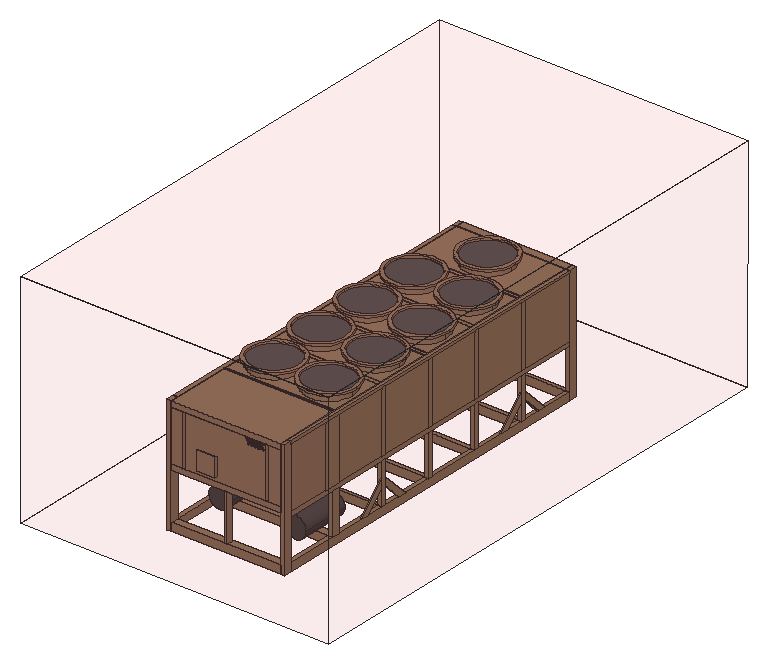
Revit family
Parameters (values of type "177 Ton - E - 200V/60Hz/3Ph")
  Width = 88 1/8"
  Water Supply Connection Offset Return _ On Center = 84 1/2"
  Water Return Connection Offset Front _ On Center = 112 13/16"
  Water Connection Offset Left = 28 1/8"
  Right Side Connections [instance] = not(Left Side Connections)  # no
  Refrigerant Used = "R-134A"
  Power Factor = 0.8  # constant formula
  Optional Sound Panels [instance] = no
  Number of Fans = 9
  Number of Compressors = 2
  Number of Circuits = 2
  Minimum Design Evaporator Flow = 0 GPM
  Maximum Design Evaporator Flow = 748 GPM
  Left Side Connections [instance] = yes
  Leaving Chilled Water Temperature [instance] = -459.67 °F
  Frame Finish = Paint - JCI - Powder - Brown
  Family Revision Date = "06/01/2010"  # constant formula
  Evaporator Water Connection Radius = Evaporator Water Connection Diameter / 2  # 5"
  Water Outlet Description = "Water Supply Connector"  # constant formula
  Water Inlet Description = "Water Return Connector"  # constant formula
  Water Connection Offset Bottom _ On Center = 19 1/8"
  Voltage = 0 V
  URL = "http://www.johnsoncontrols.com/publish/us/en.html"
  Total Cooling Capacity [instance] = 0.00 ton
  Ten Fan Visibility = Refrigerant Charge System Two > 180.00 lbf  # no
  System Two Compressor One Running Load Current = 0 A
  System One Compressor One Running Load Current = 0 A
  Serial Number [instance] = ""
  Refrigerant Charge System Two = 170.00 lbf
  Refrigerant Charge System One = 185.00 lbf
  Product Page URL = "http://www.johnsoncontrols.com/publish/us/en/products/building_efficiency/integrated_hvac_systems/Industrial___Commercial_HVAC_Equipment/chiller_products/screw__air-cooled0.html"
  Product Documentation Link = "http://www.johnsoncontrols.com/publish/etc/medialib/jci/be/integrated_hvac_systems/hvac_equipment/chiller_products/aircooledscrew.Par.53612.File.dat/EngineeringGuide20123.pdf"
  Outdoor Ambient Temperature [instance] = -459.67 °F
  OmniClass Title = "Rotary-Screw Water Chillers"  # constant formula
  OmniClass Number = "23.75.10.24.21.21.21"  # constant formula
  Number of Poles = 3
  Nominal Cooling Capacity = 177.00 ton
  Nine Fan Visibility = Refrigerant Charge System Two < 180.00 lbf  # yes
  Model = "YCIV0177EV"
  Minimum Circuit Current = 0 A
  Maximum Overcurrent Protection = 0 A
  Manufacturer = "Johnson Controls, Inc."  # constant formula
  Length = 274"
  Keynote = "15700"
  Integrated Part Load Value = 0
  Height = 93 15/16"
  Frequency = 60 Hz  # constant formula
  Frame Material = Metal - York - Galvanized Steel
  Frame Height = Height - 6"  # 87 15/16"
  Fan Guard Material = Plastic - York - PVC - Coated
  Evaporator Water Volume = 95.0 gal
  Evaporator Water Connection Diameter = 10"
  Evaporator Radius = Water Connection Offset Bottom _ On Center - 6"  # 13 1/8"
  Evaporator Pressure Drop [instance] = 0.00 psi
  Evaporator Offset Left = Width / 2 - Water Connection Offset Left  # 15 15/16"
  Evaporator Material = Metal - York - Steel
  Evaporator Length = 110"  # constant formula
  Evaporator Angle [instance] = if(Left Side Connections, 0.00°, 180.00°)  # 0.00°
  Energy Efficiency Rating = 0
  Electrical Connection Description = "Electrical Supply Connection"  # constant formula
  Description = "Air-Cooled Screw Compressor Liquid Chiller"  # constant formula
  Copyright © = "Copyright © 2001-2009 Johnson Controls"  # constant formula
  Control KVA = 1.80 kVA  # 1800.00 VA
  Connector Offset [instance] = if(Left Side Connections, 60", 28 1/8")  # 60"
  Connection Angle [instance] = if(Left Side Connections, 180.00°, 0.00°)  # 180.00°
  Condenser Fins per Inch = 17  # constant formula
  Condenser Fan Full Load Current = 0 A
  Condenser Coil Row Count = 3  # constant formula
  Compressor Power [instance] = 0.00 kVA
  Compressor Material = Metal - York - Steel - Black Coated
  Clearance Visible [instance] = yes
  Clearance Offset Top = 72"  # constant formula
  Clearance Offset Right = 72"  # constant formula
  Clearance Offset Left = 72"  # constant formula
  Clearance Offset Front = 48"  # constant formula
  Clearance Offset Bottom = 0"  # constant formula
  Clearance Offset Back = 72"  # constant formula
  Assembly Code = "D3030100"
  Apparent Load = 1800.00 VA
  Actual Evaporator Supply Flow [instance] = 0 GPM
  Actual Evaporator Return Flow [instance] = 0 GPM
Reference planes (in)
  plane 1 "Center (Front/Back)": y = -5
  plane 2 "Bottom": z = 0
  plane 3 "Center (Left/Right)": x = -3.09675
  plane 4 "Left": x = -47.15925
  plane 5 "Right": x = 40.96575
  plane 6 "Back": y = 132
  plane 7 "Front": y = -142
  plane 8 "Top": z = 93.9375
  plane 9 "Fan Row One": y = -70.48125
  plane 10 "Fan Row Two": y = -26.8125
  plane 11 "Fan Row Three": y = 16.84375
  plane 12 "Fan Row Four": y = 60.5
  plane 13 "Fan Column One": x = -23.628
  plane 14 "Fan Column Two": x = 17.4345
  plane 15 "Logo Inset": x = 18.4345
  plane 16 "Logo Elevation": z = 82.9375
  plane 17 "Frame Floor": z = 6
  plane 18 "Water In Depth": y = -29.1875
  plane 19 "Water Out Depth": y = 55.3125
  plane 20 "Water Connectors Inside Depth": x = -19.03425
  plane 21 "Water Connection Height": z = 19.125
  plane 22 "Compressors": y = -76
  plane 23 "Fan Row Five": y = 104.15625
  plane 24 "Frame Top": z = 87.9375
  plane 25 "Top Frame Bottom": z = 83.9375
  plane 26 "Middle Front Frame": z = 41.3125
  plane 27 "Middle Frame": z = 37.125
  plane 28 "Connector Reference": x = -19.03425
Forms (in)
  Revolve 1, void
    sketch origin (0, 55.3125, 0) x (-1, 0, 0) y (0, 0, 1)
      loop
        line (19.03425, 19.125) -> (17.28425, 19.125) -> (17.28425, 16.875) -> (19.03425, 16.875) -> (19.03425, 19.125)
      axis (17.28425, 19.125) -> (19.03425, 19.125)
    angle from 0 to 360
  Revolve 2, void
    sketch origin (0, -29.1875, 0) x (-1, 0, 0) y (0, 0, 1)
      loop
        line (19.03425, 19.125) -> (19.03425, 21.375) -> (17.28425, 21.375) -> (17.28425, 19.125) -> (19.03425, 19.125)
      axis (17.28425, 19.125) -> (19.03425, 19.125)
    angle from 0 to 360
Dimensions and locks (in)
  equal spacing: plane 4 "Left", plane 3 "Center (Left/Right)", plane 5 "Right"
  "Width": plane 4 "Left" to plane 5 "Right"
  equal spacing: plane 6 "Back", plane 1 "Center (Front/Back)", plane 7 "Front"
  "Length": plane 6 "Back" to plane 7 "Front"
  "Height": plane 8 "Top" to plane 2 "Bottom"
  locked: plane 7 "Front" to plane 9 "Fan Row One" at 71.51875
  locked: plane 9 "Fan Row One" to plane 10 "Fan Row Two" at 43.66875
  locked: plane 10 "Fan Row Two" to plane 11 "Fan Row Three" at 43.65625
  locked: plane 11 "Fan Row Three" to plane 12 "Fan Row Four" at 43.65625
  locked: plane 14 "Fan Column Two" to plane 5 "Right" at 23.53125
  locked: plane 4 "Left" to plane 13 "Fan Column One" at 23.53125
  locked: plane 8 "Top" to plane 16 "Logo Elevation" at 11
  locked: plane 17 "Frame Floor" to plane 2 "Bottom" at 6
  "Water Return Connection Offset Front _ On Center": plane 18 "Water In Depth" to plane 7 "Front"
  "Water Supply Connection Offset Return _ On Center": plane 19 "Water Out Depth" to plane 18 "Water In Depth"
  "Water Connection Offset Left": plane 4 "Left" to plane 20 "Water Connectors Inside Depth"
  "Water Connection Offset Bottom _ On Center": plane 21 "Water Connection Height" to plane 2 "Bottom"
  locked: plane 7 "Front" to plane 22 "Compressors" at 66
  locked: plane 12 "Fan Row Four" to plane 23 "Fan Row Five" at 43.65625
  locked: plane 15 "Logo Inset" to plane 5 "Right" at 22.53125
  "Frame Height": plane 24 "Frame Top" to plane 2 "Bottom"
  "Evaporator Offset Left": Revolve 1 sketch curve to Revolve 1 sketch curve
  locked: Revolve 1 sketch curve to Revolve 1 sketch curve at 1.75
  locked: Revolve 1 sketch curve to Revolve 1 sketch curve at 2.25
  "Evaporator Offset Left": Revolve 2 sketch curve to Revolve 2 sketch curve
  locked: Revolve 2 sketch curve to Revolve 2 sketch curve at 1.75
  locked: Revolve 2 sketch curve to Revolve 2 sketch curve at 2.25
  "Connector Offset": plane 28 "Connector Reference" to plane 5 "Right"
  "Evaporator Angle": angle nested 10 to plane 21 "Water Connection Height"
  "Connection Angle": angle plane 21 "Water Connection Height" to Revolve 1 sketch curve
  locked: Revolve 1 sketch curve to Revolve 1 sketch curve (angle 90.00°)  (x4)
  "Connection Angle": angle plane 21 "Water Connection Height" to Revolve 2 sketch curve
  locked: Revolve 2 sketch curve to Revolve 2 sketch curve (angle 90.00°)  (x4)
  aligned and locked: nested 1 to plane 13 "Fan Column One"
  aligned and locked: nested 1 to plane 9 "Fan Row One"
  aligned and locked: nested 2 to plane 9 "Fan Row One"
  aligned and locked: nested 2 to plane 14 "Fan Column Two"
  aligned and locked: nested 8 to plane 12 "Fan Row Four"
  aligned and locked: nested 7 to plane 12 "Fan Row Four"
  aligned and locked: nested 6 to plane 11 "Fan Row Three"
  aligned and locked: nested 5 to plane 11 "Fan Row Three"
  aligned and locked: nested 3 to plane 10 "Fan Row Two"
  aligned and locked: nested 4 to plane 10 "Fan Row Two"
  aligned and locked: nested 8 to plane 14 "Fan Column Two"
  aligned and locked: nested 5 to plane 14 "Fan Column Two"
  aligned and locked: nested 4 to plane 14 "Fan Column Two"
  aligned and locked: nested 7 to plane 13 "Fan Column One"
  aligned and locked: nested 6 to plane 13 "Fan Column One"
  aligned and locked: nested 3 to plane 13 "Fan Column One"
  aligned and locked: plane 16 "Logo Elevation" to nested 9
  aligned and locked: plane 7 "Front" to nested 9
  aligned and locked: nested 9 to plane 15 "Logo Inset"
  aligned and locked: nested 10 to plane 18 "Water In Depth"
  aligned and locked: nested 10 to plane 3 "Center (Left/Right)"
  aligned and locked: plane 17 "Frame Floor" to nested 11
  aligned and locked: plane 17 "Frame Floor" to nested 12
  aligned and locked: nested 11 to plane 22 "Compressors"
  aligned and locked: nested 12 to plane 22 "Compressors"
  aligned and locked: plane 14 "Fan Column Two" to nested 12
  aligned and locked: plane 13 "Fan Column One" to nested 11
  aligned and locked: plane 6 "Back" to nested 13
  aligned and locked: nested 13 to plane 4 "Left"
  aligned and locked: plane 17 "Frame Floor" to nested 13
  aligned and locked: nested 14 to plane 23 "Fan Row Five"
  aligned and locked: plane 3 "Center (Left/Right)" to nested 14
  aligned and locked: nested 15 to plane 4 "Left"
  aligned and locked: plane 2 "Bottom" to nested 15
  aligned and locked: nested 16 to plane 4 "Left"
  aligned and locked: plane 7 "Front" to nested 16
  aligned and locked: plane 19 "Water Out Depth" to nested 17
  aligned and locked: plane 3 "Center (Left/Right)" to nested 17
  aligned and locked: plane 8 "Top" to nested 2
  aligned and locked: plane 8 "Top" to nested 1
  aligned and locked: plane 8 "Top" to nested 4
  aligned and locked: plane 8 "Top" to nested 3
  aligned and locked: plane 8 "Top" to nested 5
  aligned and locked: plane 8 "Top" to nested 6
  aligned and locked: plane 8 "Top" to nested 8
  aligned and locked: plane 8 "Top" to nested 7
  aligned and locked: plane 8 "Top" to nested 14
  aligned and locked: plane 8 "Top" to nested 18
  aligned and locked: nested 18 to plane 23 "Fan Row Five"
  aligned and locked: plane 8 "Top" to nested 19
  aligned and locked: nested 19 to plane 23 "Fan Row Five"
  aligned and locked: nested 18 to plane 13 "Fan Column One"
  aligned and locked: nested 19 to plane 14 "Fan Column Two"
  aligned and locked: nested 20 to plane 1 "Center (Front/Back)"
  aligned and locked: nested 20 to plane 3 "Center (Left/Right)"
  aligned and locked: nested 20 to plane 2 "Bottom"
  aligned and locked: plane 21 "Water Connection Height" to nested 10
  aligned and locked: plane 3 "Center (Left/Right)" to Revolve 1 sketch curve
  aligned and locked: plane 21 "Water Connection Height" to Revolve 1 sketch curve
  aligned and locked: Revolve 1 sketch curve to Revolve 1 sketch curve  (x2)
  aligned and locked: plane 3 "Center (Left/Right)" to Revolve 2 sketch curve
  aligned and locked: plane 21 "Water Connection Height" to Revolve 2 sketch curve
  aligned and locked: Revolve 2 sketch curve to Revolve 2 sketch curve
  aligned and locked: nested 21 to plane 2 "Bottom"
  aligned and locked: nested 21 to plane 3 "Center (Left/Right)"
  aligned and locked: nested 22 to plane 7 "Front"
  aligned and locked: nested 22 to plane 3 "Center (Left/Right)"
  aligned and locked: plane 3 "Center (Left/Right)" to nested 23
  aligned and locked: nested 23 to plane 19 "Water Out Depth"
  aligned and locked: nested 23 to plane 21 "Water Connection Height"
Automatic sketch dimensions
  Revolve 2 sketch curve to plane 21 "Water Connection Height" = 0"
Nested families (in)
  nested 1: "Fan_Guard-York-YCIV" at (-23.628, -70.48125, 87.9375), type "Fan Guard"
  nested 2: "Fan_Guard-York-YCIV" at (17.4345, -70.48125, 87.9375), type "Fan Guard"
  nested 3: "Fan_Guard-York-YCIV" at (-23.628, -26.8125, 87.9375), type "Fan Guard"
  nested 4: "Fan_Guard-York-YCIV" at (17.4345, -26.8125, 87.9375), type "Fan Guard"
  nested 5: "Fan_Guard-York-YCIV" at (17.4345, 16.84375, 87.9375), type "Fan Guard"
  nested 6: "Fan_Guard-York-YCIV" at (-23.628, 16.84375, 87.9375), type "Fan Guard"
  nested 7: "Fan_Guard-York-YCIV" at (-23.628, 60.5, 87.9375), type "Fan Guard"
  nested 8: "Fan_Guard-York-YCIV" at (17.4345, 60.5, 87.9375), type "Fan Guard"
  nested 9: "Logo-York-YCAV Lettering" at (18.4345, -142.25, 78.9375), type "Logo"
  nested 10: "Evaporator-York-Small" at (-3.09675, 13.0625, 19.125) x (-1, 0, 0) z (0, 0, 1), type "Evaporator"
    with Width 84 1/2", Water Pipe Radius 5", Water Connection Offset Right 15 15/16", Length 110", Evaporator Radius 13 1/8"
  nested 11: "Compressor-York-Screw" at (-31.628, -94, 6), type "Compressor"
  nested 12: "Compressor-York-Screw" at (25.4345, -94, 6), type "Compressor"
  nested 13: "Box_Frame-York-YCIV-5_Row" at (-3.09675, -5, 0), type "5 Row Box"
    with Sound Option no
  nested 14: "Fan_Guard-York-YCIV" at (-3.09675, 104.15625, 87.9375), visible <- "Nine Fan Visibility", type "Fan Guard"
  nested 15: "Liquid Chiller, Direct Expansion Right View" at (-33.23038, -5, 28.71931) x (1, 0, 0) z (0, -1, 0), visible <- "Left Side Connections", type "Liquid Chiller, Direct Expansion Right View"
    with Pipe Height 19 1/8", Pipe Depth 44 1/16", Height 87 15/16", Depth 88 1/8", Arrow Width 4.40156", Arrow Length 17.60625", Arrow Height 1.10039", Arrow Depth 8.80313"
  nested 16: "Liquid Chiller, Direct Expansion Plan View" at (-40.62702, 5.59431, 0), visible <- "Left Side Connections", type "Liquid Chiller, Direct Expansion"
    with Width 274", Water In Pipe Gap 112 13/16", Pipe Gap 84 1/2", Arrow Width 12.07083", Arrow Length 36.2125", Arrow Height 3.01771", Arrow Depth 18.10625"
  nested 17: "Liquid Chiller, Direct Expansion 3_D" at (-25.128, 13.0625, 0) x (0, -1, 0) z (0, 0, 1), visible <- "Left Side Connections", type "Liquid Chiller, Direct Expansion 3_D"
    with Width 84 1/2", Right Pipe Elevation 19 1/8", Left Pipe Elevation 19 1/8", Depth 44 1/16"
  nested 18: "Fan_Guard-York-YCIV" at (-23.628, 104.15625, 87.9375), visible <- "Ten Fan Visibility", type "Fan Guard"
  nested 19: "Fan_Guard-York-YCIV" at (17.4345, 104.15625, 87.9375), visible <- "Ten Fan Visibility", type "Fan Guard"
  nested 20: "Include Clearance" at (-3.09675, -5, 0), visible <- "Clearance Visible", type "Include Clearance"
    with Width 88 1/8", Height 93 15/16", Depth 274", Clearance Top 72", Clearance Right 72", Clearance Left 72", Clearance Front 48", Clearance Bottom 0", Clearance Back 72"
  nested 21: "Liquid Chiller, Direct Expansion Right View" at (27.03689, -5, 28.71931) x (-1, 0, 0) z (0, -1, 0), visible <- "Right Side Connections", type "Liquid Chiller, Direct Expansion Right View"
    with Pipe Height 19 1/8", Pipe Depth 44 1/16", Height 87 15/16", Depth 88 1/8", Arrow Width 4.40156", Arrow Length 17.60625", Arrow Height 1.10039", Arrow Depth 8.80313"
  nested 22: "Liquid Chiller, Direct Expansion Plan View" at (34.43353, 5.59431, 0) x (-1, 0, 0) z (0, 0, 1), visible <- "Right Side Connections", type "Liquid Chiller, Direct Expansion"
    with Width 274", Water In Pipe Gap 112 13/16", Pipe Gap 84 1/2", Arrow Width 12.07083", Arrow Length 36.2125", Arrow Height 3.01771", Arrow Depth 18.10625"
  nested 23: "Liquid Chiller, Direct Expansion 3_D" at (18.9345, 13.0625, 0) x (0, -1, 0) z (0, 0, 1), visible <- "Right Side Connections", type "Liquid Chiller, Direct Expansion 3_D"
    with Width 84 1/2", Right Pipe Elevation 19 1/8", Left Pipe Elevation 19 1/8", Depth 44 1/16"
Connectors (in)
  electrical at (-14.0625, -143, 55.3125), driven by "Power Factor", driven by "Voltage", driven by "Number of Poles", driven by "Electrical Connection Description", driven by "Apparent Load"
    settings: on nested 13, index 3
  piping at (-19.03425, 55.3125, 19.125), driven by "Actual Evaporator Supply Flow", driven by "Evaporator Pressure Drop", driven by "Evaporator Water Connection Radius", driven by "Water Outlet Description"
    settings: on Revolve 1, index 4
  piping at (-19.03425, -29.1875, 19.125), driven by "Actual Evaporator Return Flow", driven by "Evaporator Water Connection Radius", driven by "Water Inlet Description"
    settings: on Revolve 2, index 5
Definition of nested family "Fan_Guard-York-YCIV"
  Parameters (values of type "Fan Guard")
    Width = 40 11/16"  # constant formula
    Model = "York YCIV Fan Guard"  # constant formula
    Manufacturer = "York"  # constant formula
    Box Frame Material = Metal - York - Galvanized Steel
    Assembly Code = ""
  Reference planes (in)
    plane 1 "Center (Front/Back)": y = 0
    plane 2 "Fan Guard Bottom": z = 0
    plane 3 "Center (Left/Right)": x = 0
    plane 4 "Fan Guard Top": z = 4.6875
    plane 5 "Fan Rim Top": z = 6
    plane 6 "Front": y = -20.34375
    plane 7 "Back": y = 20.34375
    plane 8 "Back Inset": y = 17.90625
    plane 9 "Front Inset": y = -17.9
    plane 10 "Left": x = -20.34375
    plane 11 "Right Inset": x = 17.89844
    plane 12 "Right": x = 20.34375
    plane 13 "Left Inset": x = -17.89844
  Forms (in)
    Sweep 1, solid, material "Metal - York - Galvanized Steel" <- "Box Frame Material", detail levels fine
      path origin (0, 0, 0) x (1, 0, 0) y (0, 0, 1)
        loop
          line (0, 0) -> (0, 4.6875)
      profile origin (0, 0, 2.34375) x (-1, 0, 0) y (0, -1, 0)
        loop
          circle (0, 0) r 17.90625
    Sweep 2, solid, material "Metal - York - Galvanized Steel" <- "Box Frame Material", detail levels fine
      path origin (0, 0, 0) x (1, 0, 0) y (0, 0, 1)
        loop
          line (0, 4.6875) -> (0, 6)
      profile origin (0, 0, 5.34375) x (-1, 0, 0) y (0, -1, 0)
        loop
          circle (0, 0) r 20.25
        loop
          circle (0, 0) r 17.90625
  Lines and regions (in)
    Masking region 1, detail levels fine
      outline origin (0, 0, 0) x (1, 0, 0) y (0, 0, 1)
        loop
          line (20.34375, 6) -> (-20.34375, 6) -> (-20.34375, 4.6875) -> (20.34375, 4.6875) -> (20.34375, 6)
    Masking region 2, detail levels medium+fine
      outline origin (0, 0, 0) x (1, 0, 0) y (0, 0, 1)
        loop
          line (17.89844, 4.6875) -> (-17.89844, 4.6875) -> (-17.89844, 0) -> (17.89844, 0) -> (17.89844, 4.6875)
    Masking region 3, detail levels fine
      outline origin (0, 0, 0) x (0, 1, 0) y (0, 0, 1)
        loop
          line (20.34375, 6) -> (-20.34375, 6) -> (-20.34375, 4.6875) -> (20.34375, 4.6875) -> (20.34375, 6)
    Masking region 4, detail levels medium+fine
      outline origin (0, 0, 0) x (0, 1, 0) y (0, 0, 1)
        loop
          line (17.90625, 4.6875) -> (-17.9, 4.6875) -> (-17.9, 0) -> (17.90625, 0) -> (17.90625, 4.6875)
    symbolic lines, style "Fan Guard Medium", detail levels medium+fine
      curve 1: circle (0, 0, 0) r 20.25 normal (0, 0, 1)
    symbolic lines, style "Fine Guard Detail Lines", detail levels fine
      curve 2: circle (0, 0, 0) r 18 normal (0, 0, 1)
    model lines, style "Fine Guard Detail Lines", detail levels medium
      curve 3: circle (0, 0, 4.6875) r 17.90625 normal (0, 0, 1)
      curve 4: circle (0, 0, 0) r 17.90625 normal (0, 0, 1)
  Dimensions and locks (in)
    locked: plane 5 "Fan Rim Top" to plane 2 "Fan Guard Bottom" at 6
    locked: plane 5 "Fan Rim Top" to plane 4 "Fan Guard Top" at 1.3125
    equal spacing: plane 6 "Front", plane 1 "Center (Front/Back)", plane 7 "Back"
    "Width": plane 6 "Front" to plane 7 "Back"
    equal spacing: plane 10 "Left", plane 3 "Center (Left/Right)", plane 12 "Right"
    "Width": plane 10 "Left" to plane 12 "Right"
    locked: plane 6 "Front" to plane 9 "Front Inset" at 2.44375
    locked: plane 8 "Back Inset" to plane 7 "Back" at 2.4375
    locked: plane 10 "Left" to plane 13 "Left Inset" at 2.44531
    locked: plane 11 "Right Inset" to plane 12 "Right" at 2.44531
    locked: plane 1 "Center (Front/Back)" to Sweep 1 sketch curve at 17.90625
    locked: plane 3 "Center (Left/Right)" to Sweep 1 sketch curve at 17.90625
    locked: plane 1 "Center (Front/Back)" to Sweep 2 sketch curve at 17.90625
    locked: plane 3 "Center (Left/Right)" to Sweep 2 sketch curve at 17.90625
    locked: plane 3 "Center (Left/Right)" to Sweep 2 sketch curve at 20.25
    locked: Sweep 2 sketch curve to plane 1 "Center (Front/Back)" at 20.25
    locked: plane 1 "Center (Front/Back)" to curve 2 at 18
    locked: plane 3 "Center (Left/Right)" to curve 2 at 18
    locked: curve 1 to plane 1 "Center (Front/Back)" at 20.25
    locked: curve 1 to plane 3 "Center (Left/Right)" at 20.25
    plane 1 "Center (Front/Back)" to curve 3 = 17 29/32"
    plane 3 "Center (Left/Right)" to curve 3 = 17 29/32"
    radius of curve 3 = 17 29/32"
    aligned and locked: Masking region 2 to plane 2 "Fan Guard Bottom"
    aligned and locked: plane 4 "Fan Guard Top" to Sweep 1
    aligned and locked: plane 4 "Fan Guard Top" to Sweep 1 sketch curve
    aligned and locked: plane 2 "Fan Guard Bottom" to Sweep 1 sketch curve
    aligned and locked: plane 4 "Fan Guard Top" to Masking region 4 sketch curve
    aligned and locked: plane 9 "Front Inset" to Masking region 4 sketch curve
    aligned and locked: Masking region 4 sketch curve to plane 8 "Back Inset"
    aligned and locked: Masking region 4 sketch curve to plane 2 "Fan Guard Bottom"
    aligned and locked: plane 6 "Front" to Masking region 3 sketch curve
    aligned and locked: Masking region 3 sketch curve to plane 4 "Fan Guard Top"
    aligned and locked: plane 5 "Fan Rim Top" to Masking region 3 sketch curve
    aligned and locked: Masking region 3 sketch curve to plane 7 "Back"
    aligned and locked: Masking region 2 sketch curve to plane 2 "Fan Guard Bottom"
    aligned and locked: plane 5 "Fan Rim Top" to Masking region 1 sketch curve
    aligned and locked: Masking region 1 sketch curve to plane 12 "Right"
    aligned and locked: plane 5 "Fan Rim Top" to Sweep 2 sketch curve
    aligned and locked: plane 4 "Fan Guard Top" to Sweep 2 sketch curve
    aligned and locked: plane 3 "Center (Left/Right)" to Sweep 2 sketch curve
    aligned and locked: plane 13 "Left Inset" to Masking region 2 sketch curve
    aligned and locked: Masking region 2 sketch curve to plane 11 "Right Inset"
    aligned and locked: plane 10 "Left" to Masking region 1 sketch curve
    aligned and locked: Masking region 1 sketch curve to plane 4 "Fan Guard Top"
    aligned and locked: curve 4 to Sweep 2
    aligned and locked: curve 3 to Sweep 2
    aligned and locked: plane 4 "Fan Guard Top" to Masking region 2
  Automatic sketch dimensions
    Sweep 1 sketch curve to plane 3 "Center (Left/Right)" = 0"
    plane 4 "Fan Guard Top" to Masking region 2 sketch curve = 0"
    Sweep 1 sketch curve to plane 1 "Center (Front/Back)" = 0"
    Sweep 2 sketch curve to Sweep 2 sketch curve = 0"
    Sweep 2 sketch curve to profile plane = 0"
    curve 1 to curve 2 = 0"
    curve 2 to plane 3 "Center (Left/Right)" = 0"
Definition of nested family "Logo-York-YCAV Lettering"
  Parameters (values of type "Logo")
    Model = "York Logo"  # constant formula
    Manufacturer = "York"  # constant formula
    Lettering Finish = Paint - York - Black
    Assembly Code = ""
  Reference planes (in)
    plane 1 "Center (Front/Back)": y = 0
    plane 2 "Lettering Bottom": z = 0
    plane 3 "Center (Left/Right)": x = 0
    plane 4 "Lettering Top": z = 4
    plane 5 "R Left": x = 0.25
    plane 6 "R Outside Right Leg": x = 3.75
    plane 7 "Left K": x = 4
    plane 8 "Right": x = 7.5
    plane 9 "R Left Inside": x = 1
    plane 10 "Y Top Point Right Outside": x = -2.98185
    plane 11 "Y Top Point Right Inside": x = -3.76815
    plane 12 "Left": x = -6.52542
    plane 13 "Back": y = 0.25
    plane 14 "Top Point of Y Left": x = -5.75
    plane 15 "Y Center": x = -4.75
    plane 16 "Y Left": x = -5.125
    plane 17 "Y Right": x = -4.375
    plane 18 "O Center": x = -1.75
    plane 19 "Y Top V": z = 2.57185
    plane 20 "R Right Inside Points": x = 2.68153
    plane 21 "R Right Inside Points Top": x = 2.75
    plane 22 "R Right Leg Inside": x = 3
    plane 23: x = 3.46911
    plane 24 "K Left Inside": x = 4.75
    plane 25 "Bottom K Point": x = 5.30549
    plane 26 "Right K Inside Point": x = 5.91136
    plane 27 "Top K Inside Point": x = 6.375
    plane 28 "Bottom K Inside Point": x = 6.58116
    plane 29 "Bottom of Inside R": z = 2.375
    plane 30 "Top of Bottom R": z = 1.625
    plane 31 "Left Point of Bottom K": z = 1.25
    plane 32 "Top Point of Bottom K": z = 1.82185
    plane 33 "Y Outside Edge Point": z = 2
    plane 34 "Top of R Inside": z = 3.25
  Forms (in)
    Extrusion 1, solid, material "Paint - York - Black" <- "Lettering Finish", detail levels fine
      sketch origin (1, 0, 0) x (1, 0, 0) y (0, 0, 1)
        loop
          line (-7.52542, 4) -> (-6.125, 2) -> (-6.125, 0) -> (-5.375, 0) -> (-5.375, 2) -> (-4, 4) -> (-4.76815, 4) -> (-5.75, 2.57185) -> (-6.75, 4) -> (-7.52542, 4)
      from 0 to -0.25
    Extrusion 2, solid, material "Paint - York - Black" <- "Lettering Finish", detail levels fine
      sketch origin (0.25, 0, 0) x (1, 0, 0) y (0, 0, 1)
        loop
          spline (-2, 0) -> (-1.54707, 0.06815) -> (-1.125, 0.26795) -> (-0.76256, 0.58579) -> (-0.48446, 1) -> (-0.30963, 1.48236) -> (-0.25, 2) -> (-0.30963, 2.51764) -> (-0.48446, 3) -> (-0.76256, 3.41421) -> (-1.125, 3.73205) -> (-1.54707, 3.93185) -> (-2, 4)
          spline (-2, 4) -> (-2.45293, 3.93185) -> (-2.875, 3.73205) -> (-3.23744, 3.41421) -> (-3.51554, 3) -> (-3.69037, 2.51764) -> (-3.75, 2) -> (-3.69037, 1.48236) -> (-3.51554, 1) -> (-3.23744, 0.58579) -> (-2.875, 0.26795) -> (-2.45293, 0.06815) -> (-2, 0)
        loop
          spline (-2, 3.25) -> (-2.25882, 3.20741) -> (-2.5, 3.08253) -> (-2.70711, 2.88388) -> (-2.86603, 2.625) -> (-2.96593, 2.32352) -> (-3, 2) -> (-2.96593, 1.67648) -> (-2.86603, 1.375) -> (-2.70711, 1.11612) -> (-2.5, 0.91747) -> (-2.25882, 0.79259) -> (-2, 0.75)
          spline (-2, 0.75) -> (-1.74118, 0.79259) -> (-1.5, 0.91747) -> (-1.29289, 1.11612) -> (-1.13397, 1.375) -> (-1.03407, 1.67648) -> (-1, 2) -> (-1.03407, 2.32352) -> (-1.13397, 2.625) -> (-1.29289, 2.88388) -> (-1.5, 3.08253) -> (-1.74118, 3.20741) -> (-2, 3.25)
      from 0 to -0.25
    Extrusion 3, solid, material "Paint - York - Black" <- "Lettering Finish", detail levels fine
      sketch origin (0, 0, 0) x (1, 0, 0) y (0, 0, 1)
        loop
          line (0.25, 4) -> (0.25, 0) -> (1, 0) -> (1, 1.625) -> (2.68153, 1.625)
          arc (2.68153, 1.625) -> (2.91791, 1.21558) -> (3, 0.75) r 1.36126
          line (3, 0.75) -> (3, 0) -> (3.75, 0) -> (3.75, 0.62628)
          arc (3.75, 0.62628) -> (3.71558, 1.33482) -> (3.46911, 2) r 2.32493
          arc (3.46911, 2) -> (3.71541, 3.11279) -> (3, 4) r 1.31499
          line (3, 4) -> (0.25, 4)
        loop
          line (2.75, 3.25) -> (1, 3.25) -> (1, 2.375) -> (2.75, 2.375)
          arc (2.75, 2.375) -> (2.98166, 2.8125) -> (2.75, 3.25) r 0.52895
      from 0 to -0.25
    Extrusion 4, solid, material "Paint - York - Black" <- "Lettering Finish", detail levels fine
      sketch origin (0, 0, 0) x (1, 0, 0) y (0, 0, 1)
        loop
          line (4, 4) -> (4, 0) -> (4.75, 0) -> (4.75, 1.25) -> (5.31223, 1.81223) -> (6.58116, 0) -> (7.5, 0) -> (5.875, 2.375) -> (7.5, 4) -> (6.375, 4) -> (4.75, 2.375) -> (4.75, 4) -> (4, 4)
      from 0 to -0.25
  Dimensions and locks (in)
    locked: plane 13 "Back" to plane 1 "Center (Front/Back)" at 0.25
    locked: plane 4 "Lettering Top" to plane 2 "Lettering Bottom" at 4
    locked: plane 1 "Center (Front/Back)" to plane 13 "Back" at 0.25
    locked: Extrusion 2 sketch curve to plane 18 "O Center" at 1.75
    locked: plane 33 "Y Outside Edge Point" to Extrusion 2 sketch curve at 2
    locked: Extrusion 2 sketch curve to plane 18 "O Center" at 1
    locked: plane 33 "Y Outside Edge Point" to Extrusion 2 sketch curve at 1.25
    aligned and locked: plane 13 "Back" to Extrusion 1
    aligned and locked: plane 13 "Back" to Extrusion 2
    aligned and locked: plane 13 "Back" to Extrusion 3
    aligned and locked: plane 13 "Back" to Extrusion 4
    aligned and locked: plane 4 "Lettering Top" to Extrusion 1
    aligned and locked: level to plane 2 "Lettering Bottom"
    aligned and locked: Extrusion 1 sketch curve to plane 4 "Lettering Top"  (x2)
    aligned and locked: plane 2 "Lettering Bottom" to Extrusion 1 sketch curve
    aligned and locked: plane 19 "Y Top V" to Extrusion 1 sketch curve  (x2)
    aligned and locked: plane 15 "Y Center" to Extrusion 1 sketch curve  (x2)
    aligned and locked: plane 14 "Top Point of Y Left" to Extrusion 1 sketch curve
    aligned and locked: plane 11 "Y Top Point Right Inside" to Extrusion 1 sketch curve  (x2)
    aligned and locked: plane 4 "Lettering Top" to Extrusion 1 sketch curve  (x2)
    aligned and locked: plane 17 "Y Right" to Extrusion 1 sketch curve
    aligned and locked: Extrusion 1 sketch curve to plane 17 "Y Right"
    aligned and locked: plane 16 "Y Left" to Extrusion 1 sketch curve  (x2)
    aligned and locked: plane 33 "Y Outside Edge Point" to Extrusion 1 sketch curve  (x2)
    aligned and locked: plane 5 "R Left" to Extrusion 3 sketch curve
    aligned and locked: plane 4 "Lettering Top" to Extrusion 3 sketch curve
    aligned and locked: Extrusion 3 sketch curve to plane 29 "Bottom of Inside R"
    aligned and locked: Extrusion 3 sketch curve to plane 30 "Top of Bottom R"
    aligned and locked: Extrusion 3 sketch curve to plane 2 "Lettering Bottom"  (x2)
    aligned and locked: plane 9 "R Left Inside" to Extrusion 3 sketch curve
    aligned and locked: Extrusion 3 sketch curve to plane 22 "R Right Leg Inside"
    aligned and locked: Extrusion 3 sketch curve to plane 6 "R Outside Right Leg"
    aligned and locked: plane 23 to Extrusion 3 sketch curve  (x2)
    aligned and locked: plane 33 "Y Outside Edge Point" to Extrusion 3 sketch curve  (x2)
    aligned and locked: plane 21 "R Right Inside Points Top" to Extrusion 3 sketch curve  (x4)
    aligned and locked: Extrusion 3 sketch curve to plane 9 "R Left Inside"
    aligned and locked: Extrusion 4 sketch curve to plane 4 "Lettering Top"  (x2)
    aligned and locked: Extrusion 4 sketch curve to plane 7 "Left K"
    aligned and locked: plane 24 "K Left Inside" to Extrusion 4 sketch curve  (x4)
    aligned and locked: plane 2 "Lettering Bottom" to Extrusion 4 sketch curve  (x2)
    aligned and locked: plane 8 "Right" to Extrusion 4 sketch curve  (x2)
    aligned and locked: Extrusion 4 sketch curve to Extrusion 4 sketch curve  (x3)
    aligned and locked: plane 31 "Left Point of Bottom K" to Extrusion 4 sketch curve
    aligned and locked: plane 27 "Top K Inside Point" to Extrusion 4 sketch curve  (x2)
    aligned and locked: plane 28 "Bottom K Inside Point" to Extrusion 4 sketch curve
Definition of nested family "Evaporator-York-Small"
  Parameters (values of type "Evaporator")
    Width = 72"
    Water Pipe Radius = 3"
    Water Connection Offset Right = 12"
    Model = "YCIV Evaporator"  # constant formula
    Manufacturer = "York"  # constant formula
    Length = 96"
    Evaporator Radius = 8"
    Cylinder Material = Paint - York - Black
    Assembly Code = ""
  Reference planes (in)
    plane 1 "Center (Front/Back)": y = 0
    plane 2 "Middle": z = 0
    plane 3 "Center (Left/Right)": x = 0
    plane 4 "Evaporator Back": y = 48
    plane 5 "Evaporator Front": y = -48
    plane 6 "Back Connector": y = 36
    plane 7 "Front Connector": y = -36
    plane 8 "Left": x = -8
    plane 9 "Right": x = 8
    plane 10 "Top": z = 8
    plane 11 "Bottom": z = -8
    plane 12 "Connection Offset": x = 12
    plane 13 "Front Connector Back": y = -33
    plane 14 "Front Connector Front": y = -39
    plane 15 "Back Connector Back": y = 39
    plane 16 "Back Connector Front": y = 33
  Forms (in)
    Sweep 1, solid, material "Paint - York - Black" <- "Cylinder Material", detail levels fine
      path origin (0, 0, 0) x (1, 0, 0) y (0, 1, 0)
        loop
          line (0, -48) -> (0, 48)
      profile origin (0, 0, 0) x (-1, 0, 0) y (0, 0, 1)
        loop
          circle (0, 0) r 8
    Sweep 2, solid, material "Paint - York - Black" <- "Cylinder Material", detail levels fine
      path origin (0, 0, 0) x (1, 0, 0) y (0, 1, 0)
        loop
          line (0, 36) -> (12, 36)
      profile origin (6, 36, 0) x (0, 1, 0) y (0, 0, 1)
        loop
          circle (0, 0) r 3
    Sweep 3, solid, material "Paint - York - Black" <- "Cylinder Material", detail levels fine
      path origin (0, 0, 0) x (1, 0, 0) y (0, 1, 0)
        loop
          line (0, -36) -> (12, -36)
      profile origin (6, -36, 0) x (0, 1, 0) y (0, 0, 1)
        loop
          circle (0, 0) r 3
  Lines and regions (in)
    Masking region 1
      outline origin (0, 0, 0) x (1, 0, 0) y (0, 0, 1)
        loop
          arc (7.4162, 3) -> (-8, 0) -> (7.4162, -3) r 8
          line (7.4162, -3) -> (12, -3) -> (12, 3) -> (7.4162, 3)
    Masking region 2
      outline origin (0, 0, 0) x (0, 1, 0) y (0, 0, 1)
        loop
          line (48, 8) -> (-48, 8) -> (-48, -8) -> (48, -8) -> (48, 8)
    model lines, style "Evaporator Coarse", detail levels medium
      curve 1: circle (0, -48, 0) r 8 normal (0, 1, 0)
      curve 2: circle (0, 48, 0) r 8 normal (0, 1, 0)
      curve 3: line (0, -48, -8) -> (0, 48, -8)
      curve 4: line (0, 48, 8) -> (0, -48, 8)
      curve 5: line (-8, 48, 0) -> (-8, -48, 0)
      curve 6: line (8, 48, 0) -> (8, -48, 0)
      curve 7: line (12, 33, 0) -> (0, 33, 0)
      curve 8: line (0, -39, 0) -> (12, -39, 0)
      curve 9: circle (12, -36, 0) r 3 normal (-1, 0, 0)
      curve 10: circle (12, 36, 0) r 3 normal (-1, 0, 0)
      curve 26: line (0, -33, 0) -> (12, -33, 0)
      curve 27: line (0, 39, 0) -> (12, 39, 0)
    symbolic lines, style "Evaporator Coarse"
      curve 11: arc (5.80243, 48, -5.50743) -> (7.99728, 48, 0.2086) -> (5.50743, 48, 5.80243) r 8
    symbolic lines, style "Evaporator Medium"
      curve 12: circle (12, 36, 0) r 3 normal (-1, 0, 0)
      curve 13: circle (12, -36, 0) r 3 normal (-1, 0, 0)
    symbolic lines, style "MechanicalEquipmentHiddenLines"
      curve 14: line (-8, -48, 0) -> (-8, 48, 0)
      curve 15: line (-8, 48, 0) -> (8, 48, 0)
      curve 16: line (8, 48, 0) -> (8, 39, 0)
      curve 17: line (12, 39, 0) -> (12, 33, 0)
      curve 18: line (12, 33, 0) -> (8, 33, 0)
      curve 19: line (8, 33, 0) -> (8, -33, 0)
      curve 20: line (8, -33, 0) -> (12, -33, 0)
      curve 21: line (12, -33, 0) -> (12, -39, 0)
      curve 22: line (12, -39, 0) -> (8, -39, 0)
      curve 23: line (8, -39, 0) -> (8, -48, 0)
      curve 24: line (8, -48, 0) -> (-8, -48, 0)
      curve 25: line (8, 39, 0) -> (12, 39, 0)
  Dimensions and locks (in)
    equal spacing: plane 4 "Evaporator Back", plane 1 "Center (Front/Back)", plane 5 "Evaporator Front"
    "Length": plane 4 "Evaporator Back" to plane 5 "Evaporator Front"
    equal spacing: plane 8 "Left", plane 3 "Center (Left/Right)", plane 9 "Right"
    "Water Pipe Radius": Sweep 2 sketch curve to profile plane
    "Water Pipe Radius": Sweep 3 sketch curve to profile plane
    "Water Connection Offset Right": plane 3 "Center (Left/Right)" to plane 12 "Connection Offset"
    "Width": plane 7 "Front Connector" to plane 6 "Back Connector"
    equal spacing: plane 7 "Front Connector", plane 1 "Center (Front/Back)", plane 6 "Back Connector"
    "Evaporator Radius": Sweep 1 sketch curve to profile plane
    equal spacing: plane 10 "Top", plane 2 "Middle", plane 11 "Bottom"
    "Evaporator Radius": plane 10 "Top" to plane 2 "Middle"
    "Evaporator Radius": plane 9 "Right" to plane 3 "Center (Left/Right)"
    "Water Pipe Radius": Masking region 1 sketch curve to plane 2 "Middle"
    "Water Pipe Radius": plane 2 "Middle" to Masking region 1 sketch curve
    "Water Pipe Radius": plane 6 "Back Connector" to plane 16 "Back Connector Front"
    "Water Pipe Radius": plane 15 "Back Connector Back" to plane 6 "Back Connector"
    "Water Pipe Radius": plane 13 "Front Connector Back" to plane 7 "Front Connector"
    "Water Pipe Radius": plane 7 "Front Connector" to plane 14 "Front Connector Front"
    locked: curve 11 to curve 11 (angle 90.00°)
    aligned and locked: plane 3 "Center (Left/Right)" to Sweep 1 sketch curve
    aligned and locked: plane 2 "Middle" to Sweep 1
    aligned and locked: plane 2 "Middle" to level
    aligned and locked: Masking region 1 sketch curve to Sweep 1
    aligned and locked: Sweep 1 to Masking region 2 sketch curve
    aligned and locked: Masking region 2 sketch curve to Sweep 1
    aligned and locked: curve 1 to Sweep 1
    aligned and locked: curve 2 to Sweep 1
    aligned and locked: plane 3 "Center (Left/Right)" to curve 3
    aligned and locked: curve 4 to plane 3 "Center (Left/Right)"
    aligned and locked: curve 5 to plane 2 "Middle"
    aligned and locked: curve 6 to plane 2 "Middle"
    aligned and locked: Sweep 2 sketch curve to plane 6 "Back Connector"
    aligned and locked: Sweep 3 sketch curve to plane 7 "Front Connector"
    aligned and locked: plane 3 "Center (Left/Right)" to Sweep 2
    aligned and locked: plane 3 "Center (Left/Right)" to Sweep 3
    aligned and locked: curve 9 to Sweep 3
    aligned and locked: curve 10 to Sweep 2
    aligned and locked: plane 12 "Connection Offset" to Masking region 1 sketch curve
    aligned and locked: curve 11 to Sweep 1
    aligned and locked: curve 12 to Sweep 2
    aligned and locked: curve 13 to Sweep 3
    aligned and locked: curve 14 to plane 8 "Left"
    aligned and locked: curve 15 to plane 4 "Evaporator Back"
    aligned and locked: plane 9 "Right" to curve 16
    aligned and locked: plane 9 "Right" to curve 19
    aligned and locked: plane 5 "Evaporator Front" to curve 24
    aligned and locked: plane 9 "Right" to curve 23
    aligned and locked: plane 4 "Evaporator Back" to curve 5
    aligned and locked: plane 4 "Evaporator Back" to curve 6
    aligned and locked: plane 4 "Evaporator Back" to curve 3
    aligned and locked: plane 4 "Evaporator Back" to curve 4
    aligned and locked: plane 3 "Center (Left/Right)" to curve 7
    aligned and locked: plane 12 "Connection Offset" to curve 7
    aligned and locked: plane 5 "Evaporator Front" to curve 5
    aligned and locked: plane 5 "Evaporator Front" to curve 6
    aligned and locked: plane 5 "Evaporator Front" to curve 3
    aligned and locked: plane 5 "Evaporator Front" to curve 4
    aligned and locked: plane 3 "Center (Left/Right)" to curve 8
    aligned and locked: plane 12 "Connection Offset" to curve 8
    aligned and locked: plane 10 "Top" to Masking region 2 sketch curve
    aligned and locked: Masking region 2 sketch curve to plane 11 "Bottom"
    aligned and locked: plane 14 "Front Connector Front" to curve 22
    aligned and locked: plane 16 "Back Connector Front" to curve 7
    aligned and locked: plane 3 "Center (Left/Right)" to curve 27
    aligned and locked: plane 3 "Center (Left/Right)" to curve 26
    aligned and locked: plane 12 "Connection Offset" to curve 27
    aligned and locked: plane 12 "Connection Offset" to curve 26
    aligned and locked: curve 26 to plane 13 "Front Connector Back"
    aligned and locked: curve 27 to plane 15 "Back Connector Back"
  Automatic sketch dimensions
    Sweep 1 sketch curve to plane 5 "Evaporator Front" = 0"
    Sweep 1 sketch curve to plane 4 "Evaporator Back" = 0"
    Sweep 1 sketch curve to level = 0"
    Sweep 1 sketch curve to profile plane = 0"
    Sweep 2 sketch curve to plane 2 "Middle" = 0"
    Sweep 2 sketch curve to profile plane = 0"
    Sweep 3 sketch curve to plane 2 "Middle" = 0"
    Sweep 3 sketch curve to profile plane = 0"
    Sweep 2 sketch curve to plane 3 "Center (Left/Right)" = 0"
    Sweep 2 sketch curve to plane 12 "Connection Offset" = 0"
    Sweep 3 sketch curve to plane 3 "Center (Left/Right)" = 0"
    Sweep 3 sketch curve to plane 12 "Connection Offset" = 0"
    plane 4 "Evaporator Back" to curve 5 = 0"
    curve 5 to plane 5 "Evaporator Front" = 0"
    curve 6 to plane 4 "Evaporator Back" = 0"
    curve 6 to plane 5 "Evaporator Front" = 0"
    plane 9 "Right" to curve 11 = 2.19757"
Definition of nested family "Compressor-York-Screw"
  Parameters (values of type "Compressor")
    Width = Compressor Radius * 2  # 16"
    Model = "Screw Compressor"  # constant formula
    Manufacturer = "York"  # constant formula
    Length = 36"
    Cylinder Material = none
    Compressor Radius = 8"
    Assembly Code = ""
  Reference planes (in)
    plane 1 "Center (Front/Back)": y = 0
    plane 2 "Compressor Bottom": z = 0
    plane 3 "Center (Left/Right)": x = 0
    plane 4 "Compressor Top": z = 16
    plane 5 "Left": x = -8
    plane 6 "Right": x = 8
    plane 7 "Front": y = -18
    plane 8 "Back": y = 18
    plane 9 "Center": z = 8
  Forms (in)
    Extrusion 1, solid, material <- "Cylinder Material", detail levels fine
      sketch origin (0, 0, 0) x (1, 0, 0) y (0, 0, 1)
        loop
          circle (0, 8) r 8
      from -18 to 18
  Lines and regions (in)
    Masking region 1, detail levels fine
      outline origin (0, 0, 0) x (1, 0, 0) y (0, 0, 1)
        loop
          circle (0, 8) r 8
    Masking region 2, detail levels fine
      outline origin (0, 0, 0) x (0, 1, 0) y (0, 0, 1)
        loop
          line (-18, 16) -> (-18, 0) -> (18, 0) -> (18, 16) -> (-18, 16)
    model lines, style "Compressor Fine", detail levels medium
      curve 1: line (0, -18, 16) -> (0, 18, 16)
      curve 2: line (0, -18, 0) -> (0, 18, 0)
      curve 3: line (-8, -18, 8) -> (-8, 18, 8)
      curve 4: line (8, -18, 8) -> (8, 18, 8)
      curve 5: circle (0, 18, 8) r 8 normal (0, -1, 0)
      curve 6: circle (0, -18, 8) r 8 normal (0, -1, 0)
  Dimensions and locks (in)
    equal spacing: plane 5 "Left", plane 3 "Center (Left/Right)", plane 6 "Right"
    "Width": plane 5 "Left" to plane 6 "Right"
    "Width": plane 4 "Compressor Top" to plane 2 "Compressor Bottom"
    equal spacing: plane 7 "Front", plane 1 "Center (Front/Back)", plane 8 "Back"
    "Length": plane 7 "Front" to plane 8 "Back"
    equal spacing: plane 4 "Compressor Top", plane 9 "Center", plane 2 "Compressor Bottom"
    "Compressor Radius": Extrusion 1 sketch curve to plane 9 "Center"
    "Compressor Radius": Extrusion 1 sketch curve to plane 3 "Center (Left/Right)"
    "Compressor Radius": Masking region 1 sketch curve to plane 9 "Center"
    "Compressor Radius": Masking region 1 sketch curve to plane 3 "Center (Left/Right)"
    "Compressor Radius": curve 5 to plane 9 "Center"
    "Compressor Radius": curve 5 to plane 3 "Center (Left/Right)"
    "Compressor Radius": plane 9 "Center" to curve 6
    "Compressor Radius": plane 3 "Center (Left/Right)" to curve 6
    "Compressor Radius": radius of curve 6
    "Compressor Radius": radius of curve 5
    aligned and locked: plane 7 "Front" to Extrusion 1
    aligned and locked: Extrusion 1 to plane 8 "Back"
    aligned and locked: plane 2 "Compressor Bottom" to Masking region 2 sketch curve
    aligned and locked: plane 8 "Back" to Masking region 2 sketch curve
    aligned and locked: Masking region 2 sketch curve to plane 7 "Front"
    aligned and locked: Masking region 2 sketch curve to plane 4 "Compressor Top"
    aligned and locked: plane 7 "Front" to curve 1
    aligned and locked: plane 8 "Back" to curve 1
    aligned and locked: curve 1 to plane 4 "Compressor Top"
    aligned and locked: plane 8 "Back" to curve 2
    aligned and locked: plane 7 "Front" to curve 2
    aligned and locked: curve 2 to plane 2 "Compressor Bottom"
    aligned and locked: plane 7 "Front" to curve 3
    aligned and locked: plane 8 "Back" to curve 3
    aligned and locked: curve 3 to plane 9 "Center"
    aligned and locked: plane 8 "Back" to curve 4
    aligned and locked: plane 7 "Front" to curve 4
    aligned and locked: curve 4 to plane 9 "Center"
    aligned and locked: plane 3 "Center (Left/Right)" to curve 1
    aligned and locked: plane 9 "Center" to curve 3
  Automatic sketch dimensions
    Extrusion 1 sketch curve to plane 3 "Center (Left/Right)" = 0"
    Masking region 1 sketch curve to plane 3 "Center (Left/Right)" = 0"
Definition of nested family "Box_Frame-York-YCIV-5_Row"
  Parameters (values of type "5 Row Box")
    Width = 88 1/8"
    Sound Option = yes
    Model = "Adjustable Fan Box Frame"  # constant formula
    Manufacturer = "York"  # constant formula
    Length = 274"
    Height = 87 15/16"
    Condenser Coil Material = Metal - York - Aluminum
    Box Frame Material = Metal - York - Galvanized Steel
    Assembly Code = ""
  Reference planes (in)
    plane 1 "Center (Front/Back)": y = 0
    plane 2 "Box Bottom": z = 0
    plane 3 "Center (Left/Right)": x = 0
    plane 4 "Box Back": y = 137
    plane 5 "Box Front": y = -137
    plane 6 "Box Left": x = -44.0625
    plane 7 "Box Right": x = 44.0625
    plane 8 "Box Top": z = 87.9375
    plane 9 "Box Inset Left": x = -41.0625
    plane 10 "Box Inset Right": x = 41.0625
    plane 11 "Box Back Inset": y = 131
    plane 12 "Box Front Inset": y = -131
    plane 13 "Middle Bar Top": z = 40
    plane 14 "Middle Bar Bottom": z = 37
    plane 15 "Top Inset": z = 85.9375
    plane 16 "Box Bottom Inset": z = 6
    plane 17 "Column One Middle": y = -87.3875
    plane 18 "Column Two Middle": y = -43.7125
    plane 19 "Column 3 Middle": y = -0.0375
    plane 20 "Column Four Middle": y = 43.6375
    plane 21 "Column Four Front": y = 42.1375
    plane 22 "Column Four Back": y = 45.1375
    plane 23 "Column Three Front": y = -1.5375
    plane 24 "Column Three Back": y = 1.4625
    plane 25 "Column Two Front": y = -45.2125
    plane 26 "Column Two Back": y = -42.2125
    plane 27 "Column One Back": y = -85.8875
    plane 28 "Top Column Front": y = -97.88987
    plane 29 "Front Bar Top": z = 45.3125
    plane 30 "Front Bar Bottom": z = 41.3125
    plane 31 "Access Panel Center": x = -14.0625
    plane 32 "Access Panel Bottom": z = 48.3125
    plane 33 "Access Panel Top": z = 62.3125
    plane 34 "Access Panel Left": x = -21.0625
    plane 35 "Access Panel Right": x = -7.0625
    plane 36 "Panel Front": y = -133
    plane 37 "Access Panel Front": y = -138
    plane 38 "Control Panel Right": x = 30
    plane 39 "Control Panel Left": x = -30
    plane 40 "Back Frame Inset": y = 133
    plane 41 "Bar Left of Control Panel": x = -32
    plane 42 "Bar Right of Control Panel": x = 32
    plane 43 "Front Bar Left": x = -1
    plane 44 "Front Bar Right": x = 1
    plane 45 "Side Framing Extra": y = -71.8875
    plane 46 "Angle Support Top": z = 25
    plane 47 "Angle Support Inside Bottom": z = 19
    plane 48 "Angle Support Two Front": y = -29.2125
    plane 49 "Angle Support Two Back": y = -23.2125
    plane 50 "Angle Support One Back": y = -58.2125
    plane 51 "Angle Support One Front": y = -64.2125
    plane 52 "Angle Support Right": x = 43.0625
    plane 53 "Angle Support Left": x = -43.0625
    plane 54 "Column One Front": y = -91.8875
    plane 55 "Top Front Inset": z = 83.9375
    plane 56 "Column Five Middle": y = 87.325
    plane 57 "Column Five Front": y = 85.825
    plane 58 "Column Five Back": y = 88.825
    plane 59 "Angle Support Three Back": y = 72.825
    plane 60 "Angle Support Three Front": y = 66.825
    plane 61 "Angle Support Four Front": y = 101.825
    plane 62 "Angle Support Four Back": y = 107.825
  Forms (in)
    Extrusion 1, solid, material "Metal - York - Galvanized Steel" <- "Box Frame Material", detail levels fine
      sketch origin (0, -138, 0) x (-1, 0, 0) y (0, 0, -1)
        loop
          line (21.0625, -62.3125) -> (21.0625, -48.3125) -> (7.0625, -48.3125) -> (7.0625, -62.3125) -> (21.0625, -62.3125)
      from 0 to -1
    Extrusion 2, solid, material "Metal - York - Galvanized Steel" <- "Box Frame Material", detail levels fine
      sketch origin (0, -137, 0) x (-1, 0, 0) y (0, 0, -1)
        loop
          line (30, -83.9375) -> (30, -45.3125) -> (-30, -45.3125) -> (-30, -83.9375) -> (30, -83.9375)
      from 0 to -4
    Extrusion 3, solid, material "Metal - York - Galvanized Steel" <- "Box Frame Material", detail levels fine
      sketch origin (0, -137, 0) x (-1, 0, 0) y (0, 0, -1)
        loop
          line (41.0625, -45.3125) -> (41.0625, -41.3125) -> (-41.0625, -41.3125) -> (-41.0625, -45.3125) -> (41.0625, -45.3125)
      from 0 to -4
    Extrusion 4, solid, material "Metal - York - Galvanized Steel" <- "Box Frame Material", detail levels fine
      sketch origin (0, -133, 0) x (-1, 0, 0) y (0, 0, -1)
        loop
          line (41.0625, -83.9375) -> (41.0625, -45.3125) -> (-41.0625, -45.3125) -> (-41.0625, -83.9375) -> (41.0625, -83.9375)
      from 0 to -2
    Extrusion 5, solid, material "Metal - York - Galvanized Steel" <- "Box Frame Material", detail levels fine
      sketch origin (0, 0, 45.3125) x (-1, 0, 0) y (0, -1, 0)
        loop
          line (44.0625, 131) -> (44.0625, 137) -> (41.0625, 137) -> (41.0625, 131) -> (44.0625, 131)
        loop
          line (-41.0625, 131) -> (-41.0625, 137) -> (-44.0625, 137) -> (-44.0625, 131) -> (-41.0625, 131)
        loop
          line (-41.0625, -137) -> (-41.0625, -131) -> (-44.0625, -131) -> (-44.0625, -137) -> (-41.0625, -137)
        loop
          line (44.0625, -137) -> (44.0625, -131) -> (41.0625, -131) -> (41.0625, -137) -> (44.0625, -137)
      from -45.3125 to 42.625
    Extrusion 6, solid, material "Metal - York - Galvanized Steel" <- "Box Frame Material", detail levels fine
      sketch origin (41.0625, 0, 0) x (0, -1, 0) y (0, 0, 1)
        loop
          line (137, 6) -> (131, 6) -> (131, 0) -> (137, 0) -> (137, 6)
        loop
          line (91.8875, 6) -> (85.8875, 6) -> (85.8875, 0) -> (91.8875, 0) -> (91.8875, 6)
        loop
          line (45.2125, 6) -> (42.2125, 6) -> (42.2125, 0) -> (45.2125, 0) -> (45.2125, 6)
        loop
          line (1.5375, 6) -> (-1.4625, 6) -> (-1.4625, 0) -> (1.5375, 0) -> (1.5375, 6)
        loop
          line (-42.1375, 6) -> (-45.1375, 6) -> (-45.1375, 0) -> (-42.1375, 0) -> (-42.1375, 6)
        loop
          line (-131, 6) -> (-133, 6) -> (-133, 0) -> (-131, 0) -> (-131, 6)
        loop
          line (-85.825, 6) -> (-88.825, 6) -> (-88.825, 0) -> (-85.825, 0) -> (-85.825, 6)
      from 0 to 82.125
    Extrusion 7, solid, material "Metal - York - Galvanized Steel" <- "Box Frame Material", detail levels fine
      sketch origin (0, 0, 0) x (1, 0, 0) y (0, 0, 1)
        loop
          line (41.0625, 87.9375) -> (41.0625, 85.9375) -> (44.0625, 85.9375) -> (44.0625, 87.9375) -> (41.0625, 87.9375)
        loop
          line (-44.0625, 87.9375) -> (-44.0625, 85.9375) -> (-41.0625, 85.9375) -> (-41.0625, 87.9375) -> (-44.0625, 87.9375)
      from -131 to 131
    Extrusion 8, solid, material "Metal - York - Galvanized Steel" <- "Box Frame Material", detail levels fine
      sketch origin (0, 0, 0) x (1, 0, 0) y (0, 0, 1)
        loop
          line (41.0625, 40) -> (41.0625, 37) -> (44.0625, 37) -> (44.0625, 40) -> (41.0625, 40)
        loop
          line (41.0625, 6) -> (41.0625, 0) -> (44.0625, 0) -> (44.0625, 6) -> (41.0625, 6)
        loop
          line (-44.0625, 6) -> (-44.0625, 0) -> (-41.0625, 0) -> (-41.0625, 6) -> (-44.0625, 6)
        loop
          line (-44.0625, 40) -> (-44.0625, 37) -> (-41.0625, 37) -> (-41.0625, 40) -> (-44.0625, 40)
      from -131 to 131
    Extrusion 9, solid, material "Metal - York - Galvanized Steel" <- "Box Frame Material", detail levels fine
      sketch origin (41.0625, 0, 0) x (0, -1, 0) y (0, 0, 1)
        loop
          line (-137, 87.9375) -> (-137, 85.9375) -> (-131, 85.9375) -> (-131, 87.9375) -> (-137, 87.9375)
        loop
          line (-137, 40) -> (-137, 37) -> (-131, 37) -> (-131, 40) -> (-137, 40)
      from 0 to 82.125
    Extrusion 10, solid, material "Metal - York - Galvanized Steel" <- "Box Frame Material", detail levels fine
      sketch origin (0, 0, 37) x (-1, 0, 0) y (0, -1, 0)
        loop
          line (44.0625, -45.1375) -> (44.0625, -42.1375) -> (41.0625, -42.1375) -> (41.0625, -45.1375) -> (44.0625, -45.1375)
        loop
          line (44.0625, -1.4625) -> (44.0625, 1.5375) -> (41.0625, 1.5375) -> (41.0625, -1.4625) -> (44.0625, -1.4625)
        loop
          line (44.0625, 42.2125) -> (44.0625, 45.2125) -> (41.0625, 45.2125) -> (41.0625, 42.2125) -> (44.0625, 42.2125)
        loop
          line (44.0625, 85.8875) -> (44.0625, 91.8875) -> (41.0625, 91.8875) -> (41.0625, 85.8875) -> (44.0625, 85.8875)
        loop
          line (-41.0625, 85.8875) -> (-41.0625, 91.8875) -> (-44.0625, 91.8875) -> (-44.0625, 85.8875) -> (-41.0625, 85.8875)
        loop
          line (-41.0625, 42.2125) -> (-41.0625, 45.2125) -> (-44.0625, 45.2125) -> (-44.0625, 42.2125) -> (-41.0625, 42.2125)
        loop
          line (-41.0625, -1.4625) -> (-41.0625, 1.5375) -> (-44.0625, 1.5375) -> (-44.0625, -1.4625) -> (-41.0625, -1.4625)
        loop
          line (-41.0625, -45.1375) -> (-41.0625, -42.1375) -> (-44.0625, -42.1375) -> (-44.0625, -45.1375) -> (-41.0625, -45.1375)
        loop
          line (44.0625, -88.825) -> (44.0625, -85.825) -> (41.0625, -85.825) -> (41.0625, -88.825) -> (44.0625, -88.825)
        loop
          line (-41.0625, -88.825) -> (-41.0625, -85.825) -> (-44.0625, -85.825) -> (-44.0625, -88.825) -> (-41.0625, -88.825)
      from -31 to 0
    Extrusion 11, solid, material "Metal - York - Galvanized Steel" <- "Box Frame Material", detail levels fine
      sketch origin (0, 0, 0) x (1, 0, 0) y (0, 0, 1)
        loop
          line (41.0625, 85.9375) -> (41.0625, 40) -> (44.0625, 40) -> (44.0625, 85.9375) -> (41.0625, 85.9375)
        loop
          line (-44.0625, 85.9375) -> (-44.0625, 40) -> (-41.0625, 40) -> (-41.0625, 85.9375) -> (-44.0625, 85.9375)
      from 97.88987 to 131
    Extrusion 12, solid, material "Metal - York - Galvanized Steel" <- "Box Frame Material", detail levels fine
      sketch origin (0, -87.3875, 0) x (-1, 0, 0) y (0, 0, -1)
        loop
          line (41.0625, -87.9375) -> (41.0625, -83.9375) -> (-41.0625, -83.9375) -> (-41.0625, -87.9375) -> (41.0625, -87.9375)
      from 0 to 49.6125
    Extrusion 13, solid, material "Metal - York - Aluminum" <- "Condenser Coil Material", detail levels fine
      sketch origin (0, 0, 37) x (-1, 0, 0) y (0, -1, 0)
        loop
          line (44.0625, 45.2125) -> (44.0625, 85.8875) -> (41.0625, 85.8875) -> (41.0625, 45.2125) -> (44.0625, 45.2125)
        loop
          line (-41.0625, 45.2125) -> (-41.0625, 85.8875) -> (-44.0625, 85.8875) -> (-44.0625, 45.2125) -> (-41.0625, 45.2125)
        loop
          line (-41.0625, 1.5375) -> (-41.0625, 42.2125) -> (-44.0625, 42.2125) -> (-44.0625, 1.5375) -> (-41.0625, 1.5375)
        loop
          line (44.0625, 1.5375) -> (44.0625, 42.2125) -> (41.0625, 42.2125) -> (41.0625, 1.5375) -> (44.0625, 1.5375)
        loop
          line (44.0625, -42.1375) -> (44.0625, -1.4625) -> (41.0625, -1.4625) -> (41.0625, -42.1375) -> (44.0625, -42.1375)
        loop
          line (44.0625, -85.825) -> (44.0625, -45.1375) -> (41.0625, -45.1375) -> (41.0625, -85.825) -> (44.0625, -85.825)
        loop
          line (-41.0625, -42.1375) -> (-41.0625, -1.4625) -> (-44.0625, -1.4625) -> (-44.0625, -42.1375) -> (-41.0625, -42.1375)
        loop
          line (-41.0625, -85.825) -> (-41.0625, -45.1375) -> (-44.0625, -45.1375) -> (-44.0625, -85.825) -> (-41.0625, -85.825)
        loop
          line (44.0625, -131) -> (44.0625, -88.825) -> (41.0625, -88.825) -> (41.0625, -131) -> (44.0625, -131)
        loop
          line (-41.0625, -131) -> (-41.0625, -88.825) -> (-44.0625, -88.825) -> (-44.0625, -131) -> (-41.0625, -131)
      from 3 to 48.9375
    Extrusion 14, solid, material "Metal - York - Aluminum" <- "Condenser Coil Material", detail levels fine
      sketch origin (0, 0, 37) x (-1, 0, 0) y (0, -1, 0)
        loop
          line (44.0625, -45.1375) -> (44.0625, -42.1375) -> (41.0625, -42.1375) -> (41.0625, -45.1375) -> (44.0625, -45.1375)
        loop
          line (-41.0625, -45.1375) -> (-41.0625, -42.1375) -> (-44.0625, -42.1375) -> (-44.0625, -45.1375) -> (-41.0625, -45.1375)
        loop
          line (-41.0625, -1.4625) -> (-41.0625, 1.5375) -> (-44.0625, 1.5375) -> (-44.0625, -1.4625) -> (-41.0625, -1.4625)
        loop
          line (44.0625, -1.4625) -> (44.0625, 1.5375) -> (41.0625, 1.5375) -> (41.0625, -1.4625) -> (44.0625, -1.4625)
        loop
          line (44.0625, 42.2125) -> (44.0625, 45.2125) -> (41.0625, 45.2125) -> (41.0625, 42.2125) -> (44.0625, 42.2125)
        loop
          line (-41.0625, 42.2125) -> (-41.0625, 45.2125) -> (-44.0625, 45.2125) -> (-44.0625, 42.2125) -> (-41.0625, 42.2125)
        loop
          line (-41.0625, 85.8875) -> (-41.0625, 97.88987) -> (-44.0625, 97.88987) -> (-44.0625, 85.8875) -> (-41.0625, 85.8875)
        loop
          line (44.0625, 85.8875) -> (44.0625, 97.88987) -> (41.0625, 97.88987) -> (41.0625, 85.8875) -> (44.0625, 85.8875)
        loop
          line (44.0625, -88.825) -> (44.0625, -85.825) -> (41.0625, -85.825) -> (41.0625, -88.825) -> (44.0625, -88.825)
        loop
          line (-41.0625, -88.825) -> (-41.0625, -85.825) -> (-44.0625, -85.825) -> (-44.0625, -88.825) -> (-41.0625, -88.825)
      from 3 to 48.9375
    Extrusion 15, solid, material "Metal - York - Aluminum" <- "Condenser Coil Material", detail levels fine
      sketch origin (0, 0, 0) x (0, 1, 0) y (0, 0, 1)
        loop
          line (-85.8875, 87.9375) -> (-85.8875, 85.9375) -> (-45.2125, 85.9375) -> (-45.2125, 87.9375) -> (-85.8875, 87.9375)
        loop
          line (-42.2125, 87.9375) -> (-42.2125, 85.9375) -> (-1.5375, 85.9375) -> (-1.5375, 87.9375) -> (-42.2125, 87.9375)
        loop
          line (1.4625, 87.9375) -> (1.4625, 85.9375) -> (42.1375, 85.9375) -> (42.1375, 87.9375) -> (1.4625, 87.9375)
        loop
          line (45.1375, 87.9375) -> (45.1375, 85.9375) -> (85.825, 85.9375) -> (85.825, 87.9375) -> (45.1375, 87.9375)
        loop
          line (88.825, 87.9375) -> (88.825, 85.9375) -> (131, 85.9375) -> (131, 87.9375) -> (88.825, 87.9375)
      from -41.0625 to 41.0625
    Extrusion 16, solid, material "Metal - York - Aluminum" <- "Condenser Coil Material", detail levels fine
      sketch origin (0, 0, 0) x (0, 1, 0) y (0, 0, 1)
        loop
          line (-87.3875, 87.9375) -> (-87.3875, 85.9375) -> (-85.8875, 85.9375) -> (-85.8875, 87.9375) -> (-87.3875, 87.9375)
        loop
          line (-45.2125, 87.9375) -> (-45.2125, 85.9375) -> (-42.2125, 85.9375) -> (-42.2125, 87.9375) -> (-45.2125, 87.9375)
        loop
          line (-1.5375, 87.9375) -> (-1.5375, 85.9375) -> (1.4625, 85.9375) -> (1.4625, 87.9375) -> (-1.5375, 87.9375)
        loop
          line (42.1375, 87.9375) -> (42.1375, 85.9375) -> (45.1375, 85.9375) -> (45.1375, 87.9375) -> (42.1375, 87.9375)
        loop
          line (85.825, 87.9375) -> (85.825, 85.9375) -> (88.825, 85.9375) -> (88.825, 87.9375) -> (85.825, 87.9375)
      from -41.0625 to 41.0625
    Extrusion 17, solid, material "Metal - York - Aluminum" <- "Condenser Coil Material", detail levels fine
      sketch origin (0, 0, 0) x (0, 1, 0) y (0, 0, 1)
        loop
          line (131, 85.9375) -> (131, 40) -> (133, 40) -> (133, 85.9375) -> (131, 85.9375)
      from -41.0625 to 41.0625
    Extrusion 18, solid, material "Metal - York - Galvanized Steel" <- "Box Frame Material", detail levels fine
      sketch origin (0, -131, 0) x (-1, 0, 0) y (0, 0, -1)
        loop
          line (41.0625, -83.9375) -> (41.0625, -45.3125) -> (32, -45.3125) -> (32, -83.9375) -> (41.0625, -83.9375)
        loop
          line (-32, -83.9375) -> (-32, -45.3125) -> (-41.0625, -45.3125) -> (-41.0625, -83.9375) -> (-32, -83.9375)
      from 2 to 6
